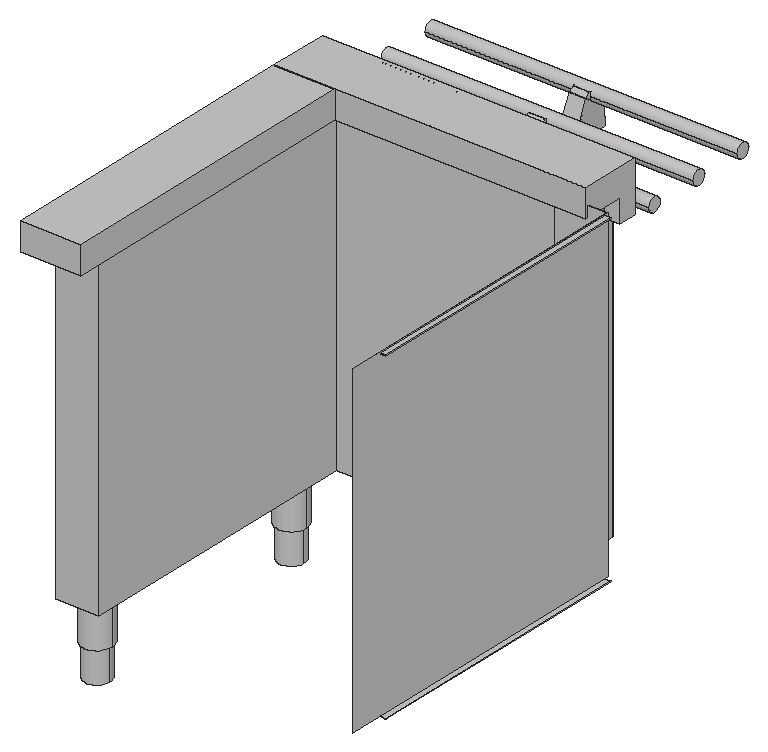
Revit family "QF_BOURGEAT_Self_element de retour lateral", category Equipement spécialisé, Revit 2015
Parameters (values of type "element_de_retour_lateral_droit")
  cote_gauche = yes
  cote_droit = no
  URL catalogue = "http://www.bourgeat.fr"
  URL = ""
  Type article = ""
  Spécification du Fabricant = "ELEMENT_DE_RETOUR_LATERAL"
  Profondeur hors tout = 820 mm
  Modèle = "854420"
  Longueur hors tout = 675 mm
  Hauteur hors tout = 900 mm
  Fabricant = "BOURGEAT"
  Contact SAV = "0033(0)4.76.32.14.44"
Types (3, lengths in mm): name | cote_gauche | cote_droit | Modèle
  (no name) | yes | no | "854420"
  element_de_retour_lateral_droit | yes | no | "854420"
  element_de_retour_lateral_gauche | no | yes | "854410"
Reference planes
  plane 1 "Centre (avant/arrière)": y = 0
  plane 2: z = 160
  plane 3 "Centre (gauche/droite)": x = 0
  plane 4: x = 44.96
  plane 5: z = 838
  plane 6: y = 678.5
  plane 7: z = 161
  plane 8: x = -245.006
  plane 9: y = 678.5
  plane 10: z = 900
  plane 11: z = 790
  plane 12: z = 840
  plane 13: z = 865
  plane 14: z = 863
  plane 15: z = 640
  plane 16: z = 128
  plane 17: x = 367
  plane 18: x = -367
  plane 19: x = 308
  plane 20: x = 352
  plane 21: x = -337.5
  plane 22: x = 337.5
  plane 23: x = -426
  plane 24: x = -302.5
  plane 25: x = 273
  plane 26: x = -235
  plane 27: x = -327
  plane 28: y = 47
  plane 29: z = 0
  plane 30: y = 802.5
Forms (mm)
  Extrusion 1, solid, material "Acier inoxydable, brossé", visible <- "cote_gauche"
    sketch origin (352.96, 52.5, 0) x (1, 0, 0) y (0, 1, 0)
      loop
        line (0, -52.5) -> (0, 636) -> (-113, 636) -> (-113, 634.99) -> (-0.96, 634.99) -> (-0.96, -52.5) -> (0, -52.5)
    from 160 to 865
  Extrusion 2, solid, material "Acier inoxydable, brossé", visible <- "cote_gauche"
    sketch origin (65, 52.5, 0) x (1, 0, 0) y (0, 1, 0)
      loop
        line (287, 19.99) -> (302, 19.99) -> (302, 626) -> (287, 626) -> (287, 19.99)
    from 863 to 865
  Extrusion 3, solid, material "Acier inoxydable, brossé", visible <- "cote_gauche"
    sketch origin (65, 52.5, 0) x (1, 0, 0) y (0, 1, 0)
      loop
        line (287, 626) -> (287, 19.99) -> (302, 19.99) -> (302, 626) -> (287, 626)
    from 160 to 161
  Extrusion 4, solid, material "Acier inoxydable, brossé", visible <- "cote_droit"
    sketch origin (-553.006, 52.5, 0) x (-1, 0, 0) y (0, -1, 0)
      loop
        line (-141.005, 0) -> (-141.965, 0) -> (-141.965, -634.99) -> (-254.005, -634.99) -> (-254.005, -636) -> (-141.005, -636) -> (-141.005, 0)
    from 160 to 865
  Extrusion 5, solid, material "Acier inoxydable, brossé", visible <- "cote_droit"
    sketch origin (-694.011, 52.5, 0) x (-1, 0, 0) y (0, -1, 0)
      loop
        line (-282.97, -19.99) -> (-282.97, -626) -> (-268.011, -626) -> (-268.011, -19.99) -> (-282.97, -19.99)
    from 863 to 865
  Extrusion 6, solid, material "Acier inoxydable, brossé", visible <- "cote_droit"
    sketch origin (-694.011, 52.5, 0) x (-1, 0, 0) y (0, -1, 0)
      loop
        line (-282.97, -626) -> (-268.011, -626) -> (-268.011, -19.99) -> (-282.97, -19.99) -> (-282.97, -626)
    from 160 to 161
  Extrusion 7, solid, material "Acier inoxydable, brossé"
    sketch origin (0, 52.5, 0) x (0, 1, 0) y (0, 0, 1)
      loop
        line (633.5, 900) -> (633.5, 840) -> (725.5, 840) -> (725.5, 790) -> (765.5, 790) -> (765.5, 900) -> (633.5, 900)
    from 308 to -367
  Extrusion 8, solid, material "Acier inoxydable, brossé"
    sketch origin (75, 52.5, 0) x (1, 0, 0) y (0, 1, 0)
      loop
        line (198, 749) -> (-377.5, 749) -> (-377.5, 636) -> (198, 636) -> (198, 749)
    from 160 to 840
  Extrusion 9, void
    sketch origin (0, 52.5, 0) x (0, 1, 0) y (0, 0, 1)
      loop
        line (749, 790) -> (749, 840) -> (725.5, 840) -> (725.5, 790) -> (749, 790)
    from 377.686 to -523
  Extrusion 10, solid, material "Acier inoxydable, brossé", visible <- "cote_gauche"
    sketch origin (0, 52.5, 0) x (1, 0, 0) y (0, 1, 0)
      loop
        line (-235, -52.5) -> (-235, 633.5) -> (-367, 633.5) -> (-367, -52.5) -> (-235, -52.5)
    from 840 to 900
  Extrusion 11, solid, material "Acier inoxydable, brossé", visible <- "cote_gauche"
    sketch origin (0, 0, 0) x (1, 0, 0) y (0, 1, 0)
      loop
        line (-235, 47) -> (-235, 688.5) -> (-327, 688.5) -> (-327, 47) -> (-235, 47)
    from 160 to 840
  Extrusion 12, solid, material "Acier inoxydable, brossé", visible <- "cote_droit"
    sketch origin (-59, 52.5, 0) x (-1, 0, 0) y (0, -1, 0)
      loop
        line (-235, 52.5) -> (-367, 52.5) -> (-367, -633.5) -> (-235, -633.5) -> (-235, 52.5)
    from 840 to 900
  Extrusion 13, solid, material "Acier inoxydable, brossé", visible <- "cote_droit"
    sketch origin (-19, 0, 0) x (-1, 0, 0) y (0, -1, 0)
      loop
        line (-235, -47) -> (-327, -47) -> (-327, -688.5) -> (-235, -688.5) -> (-235, -47)
    from 160 to 840
  Extrusion 14, solid, material "Plastique vert"
    sketch origin (0, 0, 0) x (1, 0, 0) y (0, 0, 1)
      loop
        line (-302.5, 840) -> (-302.5, 160) -> (273, 160) -> (273, 840) -> (-302.5, 840)
    from -802.5 to -801.5
Cuts and joins
  Extrusion 9 cuts Extrusion 8
Dimensions and locks
  plane 10 to plane 12 = 60 mm
  plane 10 to plane 11 = 110 mm
  plane 13 to plane 5 = 27 mm  (x2)
  plane 10 to plane 13 = 35 mm
  plane 13 to plane 14 = 2 mm
  plane 10 to plane 15 = 260 mm
  locked: plane 7 to plane 2 at 1
  locked: plane 18 to plane 17 at 734
  equal spacing: plane 18, plane 3 "Centre (gauche/droite)", plane 17
  locked: plane 21 to plane 22 at 675
  equal spacing: plane 21, plane 3 "Centre (gauche/droite)", plane 22
  plane 19 to plane 17 = 59 mm
  plane 23 to plane 18 = 59 mm
  plane 18 to plane 26 = 132 mm
  Extrusion 11 to cut or joined group of Extrusion 8, Extrusion 9 = 600 mm
  aligned and locked: plane 1 "Centre (avant/arrière)" to Extrusion 1
  aligned and locked: Extrusion 3 to plane 7
  aligned and locked: Extrusion 8 to Extrusion 7
  aligned and locked: nested 1 to plane 15
  aligned and locked: nested 1 to cut or joined group of Extrusion 8, Extrusion 9
  aligned and locked: plane 7 to Extrusion 6
  aligned and locked: plane 17 to Extrusion 3
  aligned and locked: plane 20 to Extrusion 3
  aligned and locked: plane 19 to Extrusion 7
  aligned and locked: plane 19 to nested 1
  aligned and locked: cut or joined group of Extrusion 8, Extrusion 9 to plane 24
  aligned and locked: cut or joined group of Extrusion 8, Extrusion 9 to plane 25
  aligned and locked: Extrusion 10 sketch curve to plane 26
  aligned and locked: Extrusion 10 sketch curve to Extrusion 7  (x2)
  aligned and locked: Extrusion 10 sketch curve to plane 1 "Centre (avant/arrière)"
  aligned and locked: Extrusion 10 to Extrusion 7  (x2)
  aligned and locked: Extrusion 11 sketch curve to cut or joined group of Extrusion 8, Extrusion 9
  aligned and locked: Extrusion 11 sketch curve to plane 27
  aligned and locked: Extrusion 11 to Extrusion 10
  aligned and locked: Extrusion 12 to Extrusion 13
  aligned and locked: Extrusion 13 to Extrusion 11
  aligned and locked: Extrusion 11 to plane 28
  aligned and locked: nested 3 to nested 2
  aligned and locked: nested 5 to nested 4
  aligned and locked: nested 3 to nested 5
  aligned and locked: nested 2 to nested 4
  aligned and locked: cut or joined group of Extrusion 8, Extrusion 9 to plane 2
  aligned and locked: Extrusion 4 to plane 2
  aligned and locked: plane 2 to nested 3
  aligned and locked: Extrusion 11 to plane 2
  aligned and locked: Extrusion 13 to plane 2
  aligned and locked: Extrusion 1 to plane 2
  aligned and locked: Extrusion 3 to plane 2
  aligned and locked: Extrusion 6 to plane 2
  aligned and locked: Extrusion 14 sketch curve to plane 12
  aligned and locked: plane 2 to Extrusion 14 sketch curve
  aligned and locked: plane 30 to Extrusion 14
  aligned and locked: plane 25 to Extrusion 14 sketch curve
  aligned and locked: plane 24 to Extrusion 14 sketch curve
Automatic sketch dimensions
  plane 1 "Centre (avant/arrière)" to Extrusion 1 sketch curve = 0 mm
  Extrusion 1 sketch curve to plane 20 = 0 mm
  plane 25 to Extrusion 1 sketch curve = 33.04 mm
  Extrusion 1 sketch curve to Extrusion 1 sketch curve = 0.96 mm
  Extrusion 1 sketch curve to plane 1 "Centre (avant/arrière)" = 687.49 mm
  Extrusion 1 sketch curve to Extrusion 1 sketch curve = 1.01 mm
  plane 6 to Extrusion 2 sketch curve = 0 mm
  Extrusion 2 sketch curve to plane 20 = 0 mm
  Extrusion 2 sketch curve to plane 17 = 0 mm
  Extrusion 2 sketch curve to plane 1 "Centre (avant/arrière)" = 72.49 mm
  Extrusion 3 sketch curve to plane 20 = 0 mm
  Extrusion 3 sketch curve to plane 17 = 0 mm
  Extrusion 3 sketch curve to plane 1 "Centre (avant/arrière)" = 72.49 mm
  Extrusion 3 sketch curve to Extrusion 3 sketch curve = 606.01 mm
  Extrusion 4 sketch curve to plane 24 = 3.499 mm
  Extrusion 4 sketch curve to plane 23 = 14.959 mm
  Extrusion 4 sketch curve to Extrusion 4 sketch curve = 0.96 mm
  plane 1 "Centre (avant/arrière)" to Extrusion 4 sketch curve = 52.5 mm
  Extrusion 4 sketch curve to Extrusion 4 sketch curve = 634.99 mm
  Extrusion 4 sketch curve to Extrusion 4 sketch curve = 1.01 mm
  Extrusion 5 sketch curve to plane 9 = 0 mm
  Extrusion 5 sketch curve to plane 23 = 0 mm
  Extrusion 5 sketch curve to Extrusion 5 sketch curve = 14.959 mm
  plane 1 "Centre (avant/arrière)" to Extrusion 5 sketch curve = 72.49 mm
  Extrusion 6 sketch curve to plane 23 = 0 mm
  Extrusion 6 sketch curve to plane 23 = 14.959 mm
  plane 1 "Centre (avant/arrière)" to Extrusion 6 sketch curve = 72.49 mm
  Extrusion 6 sketch curve to Extrusion 6 sketch curve = 606.01 mm
  Extrusion 7 sketch curve to plane 10 = 0 mm
  Extrusion 7 sketch curve to plane 12 = 0 mm
  plane 11 to Extrusion 7 sketch curve = 0 mm
  Extrusion 7 sketch curve to plane 1 "Centre (avant/arrière)" = 686 mm
  Extrusion 7 sketch curve to Extrusion 7 sketch curve = 92 mm
  Extrusion 7 sketch curve to Extrusion 7 sketch curve = 40 mm
  Extrusion 8 sketch curve to plane 24 = 0 mm
  Extrusion 8 sketch curve to plane 25 = 0 mm
  Extrusion 8 sketch curve to plane 1 "Centre (avant/arrière)" = 688.5 mm
  Extrusion 8 sketch curve to Extrusion 8 sketch curve = 113 mm
  plane 11 to Extrusion 9 sketch curve = 0 mm
  plane 12 to Extrusion 9 sketch curve = 0 mm
  Extrusion 9 sketch curve to plane 1 "Centre (avant/arrière)" = 778 mm
  Extrusion 9 sketch curve to Extrusion 9 sketch curve = 23.5 mm
  plane 1 "Centre (avant/arrière)" to Extrusion 12 sketch curve = 0 mm
  plane 17 to Extrusion 12 sketch curve = 59 mm
  Extrusion 12 sketch curve to plane 25 = 97 mm
  plane 1 "Centre (avant/arrière)" to Extrusion 12 sketch curve = 686 mm
  plane 1 "Centre (avant/arrière)" to Extrusion 13 sketch curve = 47 mm
  plane 22 to Extrusion 13 sketch curve = 29.5 mm
  Extrusion 13 sketch curve to plane 25 = 57 mm
  plane 1 "Centre (avant/arrière)" to Extrusion 13 sketch curve = 688.5 mm
  Extrusion 11 sketch curve to plane 26 = 0 mm
  Extrusion 11 sketch curve to plane 1 "Centre (avant/arrière)" = 47 mm
Nested families
  nested 1: "barre_et_console" at (-29.5, 801.5, 465), type "barre_et_console"
  nested 2: "pied" at (-282.5, 627.49, 0), visible <- "cote_gauche", type "pied"
  nested 3: "pied" at (-282.5, 102.49, 0), visible <- "cote_gauche", type "pied"
  nested 4: "pied" at (253, 627.49, 0), visible <- "cote_droit", type "pied"
  nested 5: "pied" at (253, 102.49, 0), visible <- "cote_droit", type "pied"
Definition of nested family "barre_et_console"
  Parameters (values of type "barre_et_console")
    lg_ht = 719 mm
    lg_barre_console = lg_ht - 44 mm  # 675 mm
  Reference planes
    plane 1 "Centre (avant/arrière)": y = 0
    plane 2: z = 0
    plane 3 "Centre (gauche/droite)": x = 0
    plane 4: x = -337.5
    plane 5: x = 337.5
    plane 6: x = 0
    plane 7: z = 320.378
    plane 8: z = 175
  Dimensions and locks
    equal spacing: plane 4, plane 3 "Centre (gauche/droite)", plane 5
    "lg_barre_console": plane 4 to plane 5
    aligned and locked: level to plane 2
    aligned and locked: plane 6 to nested 1
    aligned and locked: plane 5 to nested 2
    aligned and locked: nested 2 to plane 4
    aligned and locked: plane 7 to nested 2
    aligned and locked: plane 3 "Centre (gauche/droite)" to plane 6
  Nested families
    nested 1: "console" at (0, 0, 0) x (0, 1, 0) z (0, 0, 1), type "console"
    nested 2: "barre" at (337.5, 0, 19.415) x (0, 1, 0) z (0, 0, 1), type "barre"
  Definition of nested family "console"
    Reference planes
      plane 1 "Centre (avant/arrière)": y = 0
      plane 2: z = 0
      plane 3 "Centre (gauche/droite)": x = 0
      plane 4: y = 18
      plane 5: y = -18
      plane 6: y = 0
    Forms (mm)
      Extrusion 1, solid
        sketch origin (-12.245, 0, 175) x (1, 0, 0) y (0, 0, 1)
          loop
            line (12.245, 100) -> (12.245, 0) -> (39.579, 4.82) -> (50.894, 44.279)
            arc (50.894, 44.279) -> (55.986, 52.254) -> (64.592, 56.187) r 16.714
            line (64.592, 56.187) -> (348.499, 69.146) -> (343.309, 143.358)
            arc (343.309, 143.358) -> (342.973, 144.595) -> (342.189, 145.609) r 3.292
            line (342.189, 145.609) -> (337.923, 148.439)
            arc (337.923, 148.439) -> (337.371, 148.545) -> (336.906, 148.229) r 0.731
            arc (336.906, 148.229) -> (320.176, 130.386) -> (309.012, 152.149) r 14.958
            arc (309.012, 152.149) -> (308.597, 152.587) -> (308.001, 152.491) r 0.646
            line (308.001, 152.491) -> (297.265, 144.401) -> (278.874, 108.385)
            arc (278.874, 108.385) -> (262.102, 99.164) -> (245.329, 108.385) r 19.864
            line (245.329, 108.385) -> (229.634, 139.188) -> (217.945, 148.321)
            arc (217.945, 148.321) -> (217.306, 148.53) -> (216.976, 147.944) r 0.53
            arc (216.976, 147.944) -> (200.124, 130.629) -> (188.973, 152.064) r 14.905
            arc (188.973, 152.064) -> (188.691, 152.524) -> (188.154, 152.476) r 0.511
            line (188.154, 152.476) -> (177.098, 144.144) -> (158.855, 108.341)
            arc (158.855, 108.341) -> (142.039, 98.901) -> (125.223, 108.341) r 19.698
            line (125.223, 108.341) -> (109.334, 139.526) -> (97.932, 148.434)
            arc (97.932, 148.434) -> (97.187, 148.438) -> (96.994, 147.718) r 0.61
            arc (96.994, 147.718) -> (79.923, 130.663) -> (69.024, 152.192) r 14.902
            arc (69.024, 152.192) -> (68.66, 152.548) -> (68.158, 152.464) r 0.563
            line (68.158, 152.464) -> (57.103, 144.336) -> (39.164, 108.745)
            arc (39.164, 108.745) -> (33.443, 102.448) -> (25.295, 100) r 15.908
            line (25.295, 100) -> (12.245, 100)
        from -18 to 18
    Dimensions and locks
      plane 4 to plane 5 = 36 mm
      equal spacing: plane 4, plane 6, plane 5, locked at 18 each
      aligned and locked: level to plane 2
      aligned and locked: plane 4 to Extrusion 1
      aligned and locked: Extrusion 1 to plane 5
      aligned and locked: plane 6 to plane 1 "Centre (avant/arrière)"
      aligned and locked: Extrusion 1 to plane 3 "Centre (gauche/droite)"
    Automatic sketch dimensions
      Extrusion 1 sketch curve to Extrusion 1 sketch curve = 12.714 mm
      Extrusion 1 sketch curve to Extrusion 1 sketch curve = 13.05 mm
      Extrusion 1 sketch curve to Extrusion 1 sketch curve = 14.206 mm
      Extrusion 1 sketch curve to Extrusion 1 sketch curve = 27.334 mm
      Extrusion 1 sketch curve to Extrusion 1 sketch curve = 11.315 mm
      Extrusion 1 sketch curve to Extrusion 1 sketch curve = 17.938 mm
      Extrusion 1 sketch curve to Extrusion 1 sketch curve = 13.698 mm
      Extrusion 1 sketch curve to Extrusion 1 sketch curve = 16.057 mm
      Extrusion 1 sketch curve to Extrusion 1 sketch curve = 11.055 mm
      Extrusion 1 sketch curve to Extrusion 1 sketch curve = 0.333 mm
      Extrusion 1 sketch curve to Extrusion 1 sketch curve = 13.785 mm
      Extrusion 1 sketch curve to Extrusion 1 sketch curve = 15.28 mm
      Extrusion 1 sketch curve to Extrusion 1 sketch curve = 0.376 mm
      Extrusion 1 sketch curve to Extrusion 1 sketch curve = 11.401 mm
      Extrusion 1 sketch curve to Extrusion 1 sketch curve = 15.89 mm
      Extrusion 1 sketch curve to Extrusion 1 sketch curve = 16.816 mm  (x2)
      Extrusion 1 sketch curve to Extrusion 1 sketch curve = 18.243 mm
      Extrusion 1 sketch curve to Extrusion 1 sketch curve = 11.057 mm
      Extrusion 1 sketch curve to Extrusion 1 sketch curve = 0.308 mm
      Extrusion 1 sketch curve to Extrusion 1 sketch curve = 13.831 mm
      Extrusion 1 sketch curve to Extrusion 1 sketch curve = 15.204 mm
      Extrusion 1 sketch curve to Extrusion 1 sketch curve = 0.447 mm
      Extrusion 1 sketch curve to Extrusion 1 sketch curve = 11.69 mm
      Extrusion 1 sketch curve to Extrusion 1 sketch curve = 15.695 mm
      Extrusion 1 sketch curve to Extrusion 1 sketch curve = 16.772 mm  (x2)
      Extrusion 1 sketch curve to Extrusion 1 sketch curve = 18.391 mm
      Extrusion 1 sketch curve to Extrusion 1 sketch curve = 10.737 mm
      Extrusion 1 sketch curve to Extrusion 1 sketch curve = 0.389 mm
      Extrusion 1 sketch curve to Extrusion 1 sketch curve = 13.868 mm
      Extrusion 1 sketch curve to Extrusion 1 sketch curve = 15.261 mm
      Extrusion 1 sketch curve to Extrusion 1 sketch curve = 0.404 mm
      Extrusion 1 sketch curve to Extrusion 1 sketch curve = 2.506 mm
      Extrusion 1 sketch curve to Extrusion 1 sketch curve = 2.164 mm
      Extrusion 1 sketch curve to Extrusion 1 sketch curve = 1.12 mm
      Extrusion 1 sketch curve to Extrusion 1 sketch curve = 5.189 mm
      Extrusion 1 sketch curve to Extrusion 1 sketch curve = 4.639 mm
      Extrusion 1 sketch curve to Extrusion 1 sketch curve = 55.721 mm
      Extrusion 1 sketch curve to Extrusion 1 sketch curve = 8.745 mm
      Extrusion 1 sketch curve to Extrusion 1 sketch curve = 10.259 mm
      Extrusion 1 sketch curve to Extrusion 1 sketch curve = 10.642 mm
      Extrusion 1 sketch curve to Extrusion 1 sketch curve = 9.133 mm
      Extrusion 1 sketch curve to Extrusion 1 sketch curve = 31.185 mm
      Extrusion 1 sketch curve to Extrusion 1 sketch curve = 35.803 mm
      Extrusion 1 sketch curve to Extrusion 1 sketch curve = 35.592 mm
      Extrusion 1 sketch curve to Extrusion 1 sketch curve = 3.24 mm
      Extrusion 1 sketch curve to Extrusion 1 sketch curve = 2.946 mm
      Extrusion 1 sketch curve to Extrusion 1 sketch curve = 1.042 mm
      Extrusion 1 sketch curve to Extrusion 1 sketch curve = 0.609 mm
      Extrusion 1 sketch curve to Extrusion 1 sketch curve = 8.427 mm
      Extrusion 1 sketch curve to Extrusion 1 sketch curve = 0.286 mm
      Extrusion 1 sketch curve to Extrusion 1 sketch curve = 0.481 mm
      Extrusion 1 sketch curve to Extrusion 1 sketch curve = 0.516 mm
      Extrusion 1 sketch curve to Extrusion 1 sketch curve = 7.674 mm
      Extrusion 1 sketch curve to Extrusion 1 sketch curve = 7.924 mm
      Extrusion 1 sketch curve to Extrusion 1 sketch curve = 0.453 mm
      Extrusion 1 sketch curve to Extrusion 1 sketch curve = 0.408 mm
      Extrusion 1 sketch curve to Extrusion 1 sketch curve = 0.533 mm
      Extrusion 1 sketch curve to Extrusion 1 sketch curve = 0.511 mm
      Extrusion 1 sketch curve to Extrusion 1 sketch curve = 0.622 mm
      Extrusion 1 sketch curve to Extrusion 1 sketch curve = 4.82 mm
      Extrusion 1 sketch curve to Extrusion 1 sketch curve = 34.82 mm
      Extrusion 1 sketch curve to Extrusion 1 sketch curve = 76.232 mm
      Extrusion 1 sketch curve to Extrusion 1 sketch curve = 37.038 mm
      Extrusion 1 sketch curve to Extrusion 1 sketch curve = 39.239 mm
      Extrusion 1 sketch curve to Extrusion 1 sketch curve = 30.803 mm
      Extrusion 1 sketch curve to Extrusion 1 sketch curve = 34.743 mm
      Extrusion 1 sketch curve to Extrusion 1 sketch curve = 0.23 mm
      Extrusion 1 sketch curve to Extrusion 1 sketch curve = 36.015 mm
      Extrusion 1 sketch curve to Extrusion 1 sketch curve = 2.071 mm
      Extrusion 1 sketch curve to Extrusion 1 sketch curve = 7.575 mm
      Extrusion 1 sketch curve to plane 3 "Centre (gauche/droite)" = 0 mm
      level to Extrusion 1 sketch curve = 175 mm
  Definition of nested family "barre"
    Parameters (values of type "barre")
      lg_barre = 675 mm
    Reference planes
      plane 1 "Centre (avant/arrière)": y = 0
      plane 2: z = 0
      plane 3 "Centre (gauche/droite)": x = 0
      plane 4: x = 70
      plane 5: x = 190
      plane 6: x = 309
      plane 7: z = 300.963
      plane 8: z = 94.658
      plane 9: y = 0
      plane 10: y = 675
    Forms (mm)
      Extrusion 1, solid
        sketch origin (0, 0, 0) x (1, 0, 0) y (0, 0, 1)
          loop
            circle (70, 300.963) r 15
          loop
            circle (190, 300.963) r 15
          loop
            circle (309, 300.963) r 15
        from 0 to -675
    Dimensions and locks
      plane 4 to plane 3 "Centre (gauche/droite)" = 70 mm
      plane 6 to plane 5 to plane 4 = 119 mm, 120 mm
      "lg_barre": plane 10 to plane 1 "Centre (avant/arrière)"
      aligned and locked: level to plane 2
      aligned and locked: Extrusion 1 to plane 9
      aligned and locked: plane 9 to plane 1 "Centre (avant/arrière)"
      aligned and locked: plane 10 to Extrusion 1
    Automatic sketch dimensions
      Extrusion 1 sketch curve to plane 4 = 0 mm
      Extrusion 1 sketch curve to plane 5 = 0 mm
      Extrusion 1 sketch curve to plane 6 = 0 mm
      Extrusion 1 sketch curve to plane 7 = 0 mm  (x3)
      radius of Extrusion 1 sketch curve = 15 mm  (x3)
Definition of nested family "pied"
  Reference planes
    plane 1 "Centre (avant/arrière)": y = 0
    plane 2: z = 0
    plane 3 "Centre (gauche/droite)": x = 0
  Forms (mm)
    Revolve 1, solid
      sketch origin (0, 0, 0) x (1, 0, 0) y (0, 0, 1)
        loop
          line (0, 160) -> (-33, 160) -> (-33, 70) -> (-28, 70) -> (-28, 0) -> (0, 0) -> (0, 160)
        axis (0, 160) -> (0, 0)
      angle from 0 to 360
  Dimensions and locks
    plane 3 "Centre (gauche/droite)" to Revolve 1 sketch curve = 28 mm
    Revolve 1 sketch curve to plane 3 "Centre (gauche/droite)" = 33 mm
    Revolve 1 sketch curve to plane 2 = 70 mm
    Revolve 1 sketch curve to Revolve 1 sketch curve = 90 mm
    aligned and locked: level to plane 2
